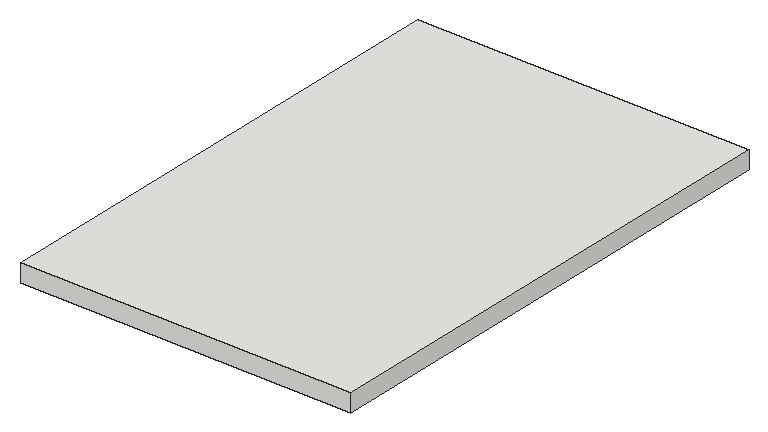
Revit family "SURVIVOR130xxWS8xxKx", category Leuchten, Revit 2024
Family settings
  Basisbauteil = Fläche
  Bemaßung runder Anschluss = Durchmesser verwenden
  Teiletyp = Normal
  OmniClass-Nummer = 23.80.70.11
  OmniClass-Titel = Luminaries for Internal Lighting
  Beim Laden mit Abzugskörper schneiden = Nein
  Lichtquelle = Ja
  Beschriftungsausrichtung beibehalten = Nein
  Gemeinsam genutzt = Nein
  Raumberechnungspunkt = Nein
Parameters (values of type "SURVIVOR130NDWS840K0550-RF")
  width = 240 mm  # constant formula
  weight = "11"
  voltage type (AC, DC, UC) = "AC"
  rated input power = 35
  product name = "SURVIVOR130NDWS840K0550-RF"
  nominal voltage = "230"
  nominal frequency = "50-60Hz"
  length = 1300 mm  # constant formula
  ingress protection (IP) code = "IP65"
  height = 73 mm  # constant formula
  electrical safety class = "1"
  control gear = ""
  conformity mark = "CE"  # constant formula
  brand = "RIDI"
  approval mark = ""
  built-in parameter 1150104 = 13.8 (stored number, unit not read)
  Wattage = 37.6998 W
  Von Breite des Rechtecks ausssenden = 1228 mm
  Von Länge des Rechtecks aussenden = 181 mm  # constant formula
  Default Elevation = 0 mm
  built-in parameter 1150113 = 1 (stored number, unit not read)
  built-in parameter 1114218 = 1 (stored number, unit not read)
  URL = "www.ridi.de"
  built-in parameter 1150134 = 12
  built-in parameter 1150109 = 1 (stored number, unit not read)
  built-in parameter 1150110 = 1 (stored number, unit not read)
  Apparent Load = 35 VA
  Tilt Angle = 90.00°
  Modell = "0622214//420"
  built-in parameter 1114217 = 1 (stored number, unit not read)
  built-in parameter 1150139 = (empty or 0)
  built-in parameter 1150105 = 445.63 (stored number, unit not read)
  built-in parameter 1150114 = 1 (stored number, unit not read)
  Lumens = 5600 lm
  built-in parameter 1150115 = 1 (stored number, unit not read)
  built-in parameter 1150112 = 1 (stored number, unit not read)
  Lampe = "LED"
  Hersteller = "RIDI Leuchten GmbH"  # constant formula
  Dimming Lamp Color Temperature Shift = (empty or 0)
  Color Filter = 16777215
  built-in parameter 1150133 = 10 (stored number, unit not read)
  Emit Shape Visible in Rendering = no
  built-in parameter 1150137 = (empty or 0)
  built-in parameter 1150132 = 2
  Datei für fotometrisches Netz = "SURVIVOR160DAWS840K0700.IES"
  Copyright = "© RIDI. All rights reserved."  # constant formula
  built-in parameter 1150106 = 4.4563 (stored number, unit not read)
  Baugruppenkennzeichen = "D5020200"
  built-in parameter 1150107 = 4000 (stored number, unit not read)
  built-in parameter 1150102 = (empty or 0)
  built-in parameter 1150138 = (empty or 0)
Types (5, lengths in mm): name | product name | Wattage | built-in parameter 1150134 | Modell | built-in parameter 1150105 | Lumens | built-in parameter 1150106 | built-in parameter 1150107
  (no name) | "SURVIVOR130NDWS840K0550-RF" | 37.6998 W | 12 | "0622214//420" | 445.63 (stored number, unit not read) | 5600 lm | 4.4563 (stored number, unit not read) | 4000 (stored number, unit not read)
  SURVIVOR130DAWS830K0500 | "SURVIVOR130DAWS830K0500" | 37.4305 W | (empty or 0) | "0632210" | 442.45 (stored number, unit not read) | 5560 lm | 4.4245 (stored number, unit not read) | 3000 (stored number, unit not read)
  SURVIVOR130NDWS830K0500-RF | "SURVIVOR130NDWS830K0500-RF" | 35.6802 W | (empty or 0) | "0622210//420" | 421.76 (stored number, unit not read) | 5300 lm | 4.2176 (stored number, unit not read) | 3000 (stored number, unit not read)
  SURVIVOR130DAWS840K0550 | "SURVIVOR130DAWS840K0550" | 39.4501 W | 12 | "0632214" | 466.32 (stored number, unit not read) | 5860 lm | 4.6632 (stored number, unit not read) | 4000 (stored number, unit not read)
  SURVIVOR130NDWS840K0550-RF | "SURVIVOR130NDWS840K0550-RF" | 37.6998 W | 12 | "0622214//420" | 445.63 (stored number, unit not read) | 5600 lm | 4.4563 (stored number, unit not read) | 4000 (stored number, unit not read)
Reference planes
  plane 1 "Mitte (Vorne/hinten)": y = 0
  plane 2: z = 0
  plane 3 "Mitte (Links/rechts)": x = 0
  plane 4: z = 1200
Forms (mm)
  Extrusion 1, solid
    sketch origin (219.2, 280.8, 0) x (1, 0, 0) y (0, 1, 0)
      loop
        line (-1219.2, 1219.2) -> (-1219.2, -1780.8) -> (780.8, -1780.8) -> (780.8, 1219.2) -> (-1219.2, 1219.2)
    from 0 to -107.307
Dimensions and locks
  plane 4 to Extrusion 1 = 1200 mm
  aligned and locked: plane 2 to Extrusion 1
  aligned and locked: level to Extrusion 1
  aligned and locked: import instance to Extrusion 1
Connectors
  electrical at (53.526, -623.6, 2.275), driven by "Apparent Load"
    settings: on import instance, index 1, voltage 230 V, apparent load 0 VA, apparent load phase1 35 VA, apparent load phase2 0 VA, apparent load phase3 0 VA, power factor 1, load classification "Lighting", number of poles 1, system type 31, power factor state 1, is connector primary yes, connector utility no, sub classification motor no, connector description ""
